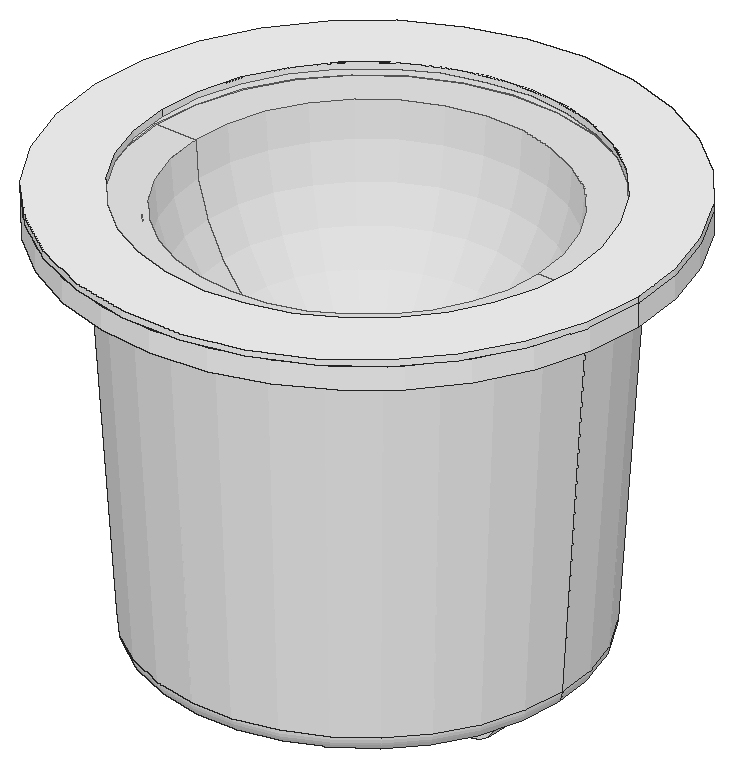
Revit family "2058873 Feilo Sylvania Lighting Fixture MYRD IP FL 3K DALI WHT WBEZ", category Lighting Fixtures, host Face, Revit 2017
Family settings
  Host = Face
  Round Connector Dimension = Use Diameter
  Part Type = Normal
  OmniClass Number = 23.80.70.11.17
  OmniClass Title = Specialized Lighting by Location or Use
  Cut with Voids When Loaded = No
  Light Source = Yes
  Shared = No
  Room Calculation Point = No
Parameters
  Weight = "0.44 kg"
  Wattage = 10 W
  WarrantyStartDate [instance] = "n/a"
  WarrantyGuarantorParts = "n/a"
  WarrantyDurationUnit = "n/a"
  WarrantyDurationParts = "n/a"
  WarrantyDescription = "n/a"
  built-in parameter 1150110 = 1 (stored number, unit not read)
  Voltage = 230 V
  URL = "http://www.sylvania-lighting.com"
  TypeName = "MYRD IP FL 3K DALI WHT WBEZ"
  Type Image = 0
  Type Comments = ""
  built-in parameter 1114217 = 1 (stored number, unit not read)
  Tilt Angle = -90°
  built-in parameter 1150109 = 1 (stored number, unit not read)
  built-in parameter 1150134 = (empty or 0)
  built-in parameter 1150113 = 1 (stored number, unit not read)
  SerialNumber [instance] = "n/a"
  Reflector Radius = Cutout Diameter / 2 - 2.5 mm  # 35.0 mm
  Reflector Material = Aluminum_Sylvania_Myriad_Bright
  Recessed Depth = Height  # 72.0 mm
  PowerFactor = 0
  PowerConsumption = "10 W"
  Photometric Web File = ""
  NominalWidth = 0.0 mm
  NominalLength = 76.0 mm
  NominalHeight = 72.0 mm
  Name = "MYRD IP FL 3K DALI WHT WBEZ"
  ModelReference = "MYRD IP FL 3K DALI WHT WBEZ"
  ModelNumber = "2058873"
  Material = "Aluminium"
  ManufacturerName = "Feilo Sylvania"
  LuminousEfficacy = "99 lm/W"
  LuminaireType = "Ceiling recessed"
  LightOutputRatio = "1"
  LampsType = Lamp  # "LED"
  LampNominalLuminous = "988 lm"
  LampMacAdamStep = "n/a"
  LampColourTemperature = "3000 K"
  LampColourRenderingIndex = "n/a"
  Keynote = "16500"
  Keynote_2 = "16500"
  InstallationDate [instance] = "n/a"
  InputVoltage = "230-240V~"
  InputNominalFrequency = "50/60 Hz"
  IngressProtection = "IP65"
  ImpactProtectionIndex = "IK02"
  IfcExportType = "IfcLightFixtureType"
  IfcExportAs = "IfcLightFixtureType"
  Height = 72.0 mm  # constant formula
  ExpectedLife = 50000
  Emit from Circle Diameter = Accessory Inner Diameter 2  # 68.0 mm
  Emit Shape Visible in Rendering = no
  ElectricShockClassification = "Class II"
  DurationUnit = "hours"
  DocumentationLiterature = "http://www.sylvania-lighting.com/product/en-int/products/2058873"
  DimmingControlOptions = "Dimmable"
  Diffuser Material = Glass_Sylvania_Myriad_Clear_4000K
  Diffuser Diameter = Cutout Diameter  # 75.0 mm
  Cutout Diameter = 75.0 mm  # constant formula
  CreatedOn = "03-11-2017"
  CreatedBy = ""
  Cost = 0
  built-in parameter 1114216 [instance] = 1 (stored number, unit not read)
  built-in parameter 1150142 = (empty or 0)
  Model = "MYRD IP FL 3K DALI WHT WBEZ"
  Manufacturer = "Feilo Sylvania"  # constant formula
  built-in parameter 1150105 = 78.782 (stored number, unit not read)
  Lumens = 990 lm
  built-in parameter 1150115 = 1 (stored number, unit not read)
  built-in parameter 1150137 = (empty or 0)
  built-in parameter 1150139 = (empty or 0)
  built-in parameter 1150112 = 1 (stored number, unit not read)
  built-in parameter 1150114 = 1 (stored number, unit not read)
  Lamp = "LED"
  built-in parameter 1150132 = (empty or 0)
  built-in parameter 1150102 = (empty or 0)
  built-in parameter 1150107 = 3000 (stored number, unit not read)
  built-in parameter 1150138 = (empty or 0)
  built-in parameter 1150106 = 0.78782 (stored number, unit not read)
  built-in parameter 1150104 = 9.1974 (stored number, unit not read)
  Dimming Lamp Color Temperature Shift = (empty or 0)
  Description = "Supplied complete with electronic control gear Compact Fluorescent low energy downlight Emergency version passes through the cut out Ideal for low level orientation lighting New range of Architectural accessories each providing a different lit dimension New completely flush plaster up accessory ring for clean ceiling lines and smooth finish Order lamp separately"  # constant formula
  Default Elevation = 0.0 mm
  Color Filter = 16777215
  built-in parameter 1140040 [instance] = 1
  Body Radius = Reflector Radius + 1.5 mm  # 36.5 mm
  Body Material = Aluminum_Sylvania_Myriad_Gray
  BarCode [instance] = "n/a"
  built-in parameter 1114218 = 1 (stored number, unit not read)
  built-in parameter 1150133 = 10 (stored number, unit not read)
  AssetType = "Fixed"
  AssetIdentifier [instance] = "n/a"
  Assembly Code = "D5020200"
  Apparent Load = 10 VA
  Accessory Material = Aluminum_Sylvania_Myriad_White
  Accessory Inner Diameter 2 = Accessory Diameter - 22.0 mm  # 68.0 mm
  Accessory Inner Diameter 1 = Accessory Diameter - 2.0 mm  # 88.0 mm
  Accessory Diameter = Cutout Diameter + 15.0 mm  # 90.0 mm
Reference planes
  plane 1 "Center (Front/Back)": y = 0
  plane 2: z = 0
  plane 3 "Center (Left/Right)": x = 0
  plane 4: z = 2
  plane 5 "Fixture Bottom": z = 4.5
  plane 6: z = -28.5
  plane 7: z = -61.5
  plane 8 "Fixture Top": z = -67.5
  plane 9: z = 3.5
Forms (mm)
  Revolve 1, solid, material "Aluminum_Sylvania_Myriad_Bright" <- "Reflector Material", detail levels fine
    sketch origin (0, 0, 0) x (1, 0, 0) y (0, 0, 1)
      loop
        line (0, -27.515) -> (-6, -27.515)
        arc (-6, -27.515) -> (-22.333, -16.632) -> (-28.5, 2) r 30.135
        line (-28.5, 2) -> (-35, 2) -> (-35, 0) -> (-29.184, 0)
        arc (-29.184, 0) -> (-22.423, -18.18) -> (-6, -28.5) r 30.204
        line (-6, -28.5) -> (0, -28.5) -> (0, -27.515)
      axis (0, -28.5) -> (0, 2)
    angle from 0 to 360
  Revolve 2, solid, material "Aluminum_Sylvania_Myriad_Gray" <- "Body Material", detail levels fine
    sketch origin (0, 0, 0) x (1, 0, 0) y (0, 0, 1)
      loop
        line (-44, 2) -> (-44, 0) -> (-36.5, 0) -> (-32.42, -58.708)
        arc (-32.42, -58.708) -> (-31.474, -60.694) -> (-29.428, -61.5) r 3
        line (-29.428, -61.5) -> (0, -61.5) -> (0, -28.5) -> (-6, -28.5)
        arc (-6, -28.5) -> (-22.423, -18.18) -> (-29.184, 0) r 30.204
        line (-29.184, 0) -> (-35, 0) -> (-35, 2) -> (-44, 2)
      axis (0, 2) -> (0, -61.5)
    angle from 0 to 360
  Extrusion 3, solid, material "Aluminum_Sylvania_Myriad_Gray" <- "Body Material", detail levels fine
    sketch origin (0, 0, 0) x (1, 0, 0) y (0, 0, 1)
      loop
        line (-13.5, -67.5) -> (21, -67.5)
        arc (21, -67.5) -> (23.828, -66.328) -> (25, -63.5) r 4
        line (25, -63.5) -> (25, -61.5) -> (-17.5, -61.5) -> (-17.5, -63.5)
        arc (-17.5, -63.5) -> (-16.328, -66.328) -> (-13.5, -67.5) r 4
    from -4.5 to 4.5
  Extrusion 4, solid, material "Aluminum_Sylvania_Myriad_White" <- "Accessory Material", detail levels fine
    sketch origin (0, 0, 0) x (1, 0, 0) y (0, 1, 0)
      loop
        circle (0, 0) r 45
      loop
        circle (0, 0) r 44
    from 0 to 3.5
  Extrusion 5, solid, material "Aluminum_Sylvania_Myriad_White" <- "Accessory Material", detail levels fine
    sketch origin (0, 0, 0) x (1, 0, 0) y (0, 1, 0)
      loop
        circle (0, 0) r 45
      loop
        circle (0, 0) r 34
    from 3.5 to 4.5
  Extrusion 6, solid, material "Aluminum_Sylvania_Myriad_White" <- "Accessory Material", detail levels coarse+medium
    sketch origin (0, 0, 0) x (1, 0, 0) y (0, 1, 0)
      loop
        circle (0, 0) r 45
    from 0 to 4.5
  Revolve 7, solid, detail levels coarse+medium
    sketch origin (0, 0, 0) x (1, 0, 0) y (0, 0, 1)
      loop
        line (36.5, 0) -> (0, 0) -> (0, -61.5) -> (32.226, -61.5) -> (36.5, 0)
      axis (0, 0) -> (0, -61.5)
    angle from 0 to 360
  Extrusion 8, void
    sketch origin (0, 0, 0) x (1, 0, 0) y (0, 1, 0)
      loop
        circle (0, 0) r 37.5
    from -67.5 to 0
  Extrusion 9, solid, material "Glass_Sylvania_Myriad_Clear_4000K" <- "Diffuser Material", detail levels fine
    sketch origin (0, 0, 0) x (1, 0, 0) y (0, 1, 0)
      loop
        circle (0, 0) r 37.5
    from 2 to 3.5
Cuts and joins
  joined: Extrusion 4, Extrusion 5
Lines and regions (mm)
  Masking region 1
    outline origin (0, 0, 0) x (1, 0, 0) y (0, 1, 0)
      loop
        circle (0, 0) r 45
  symbolic lines
    curve 1: arc (-34, 0, 0) -> (0, 34, 0) -> (34, 0, 0) r 34
    curve 2: arc (34, 0, 0) -> (0, -34, 0) -> (-34, 0, 0) r 34
Dimensions and locks
  locked: plane 7 to plane 8 "Fixture Top" at 6
  "Body Radius": Revolve 7 sketch curve to plane 3 "Center (Left/Right)"
  locked: Revolve 7 sketch curve to Revolve 7 sketch curve at 4.274
  plane 5 "Fixture Bottom" to plane 9 to plane 4 to plane 2 to plane 6 = 1.0 mm locked, 1.5 mm locked, 2.0 mm locked, 28.5 mm locked
  "Reflector Radius": Revolve 1 sketch curve to plane 3 "Center (Left/Right)"
  Revolve 1 sketch curve to Revolve 1 sketch curve to Revolve 1 sketch curve to Revolve 1 sketch curve = 6.5 mm locked, 22.5 mm locked, 0.0 mm locked
  "Reflector Radius": plane 3 "Center (Left/Right)" to Revolve 2 sketch curve
  Revolve 2 sketch curve to Revolve 2 sketch curve to Revolve 2 sketch curve = 7.5 mm locked, 1.5 mm locked
  Revolve 2 sketch curve to Revolve 2 sketch curve to Revolve 2 sketch curve = 5.816 mm locked, 23.184 mm locked
  Revolve 2 sketch curve to Revolve 2 sketch curve to Revolve 2 sketch curve = 2.58 mm locked, 2.993 mm locked
  "Accessory Diameter": diameter of Extrusion 4 sketch curve
  "Accessory Inner Diameter 1": diameter of Extrusion 4 sketch curve
  "Accessory Diameter": diameter of Extrusion 5 sketch curve
  "Accessory Diameter": diameter of Extrusion 6 sketch curve
  "Cutout Diameter": diameter of Extrusion 8 sketch curve
  "Accessory Inner Diameter 2": diameter of Extrusion 5 sketch curve
  "Diffuser Diameter": diameter of Extrusion 9 sketch curve
  aligned and locked: plane 2 to host face
  aligned and locked: level to host face
  aligned and locked: plane 1 "Center (Front/Back)" to imposter light
  aligned and locked: plane 3 "Center (Left/Right)" to imposter light
  aligned and locked: Revolve 1 sketch curve to imposter light
  aligned and locked: Extrusion 3 sketch curve to plane 8 "Fixture Top"
  aligned and locked: plane 7 to Extrusion 3 sketch curve
  aligned and locked: Extrusion 4 to plane 2
  aligned and locked: plane 9 to Extrusion 4
  aligned and locked: Extrusion 5 to plane 9
  aligned and locked: plane 5 "Fixture Bottom" to Extrusion 5
  aligned and locked: Extrusion 6 to plane 2
  aligned and locked: plane 5 "Fixture Bottom" to Extrusion 6
  aligned and locked: Extrusion 8 to plane 8 "Fixture Top"
  aligned and locked: plane 2 to Extrusion 8
  aligned and locked: Masking region 1 sketch curve to Extrusion 6  (x2)
  aligned and locked: Extrusion 9 to plane 4
  aligned and locked: plane 9 to Extrusion 9
  aligned and locked: plane 4 to Revolve 2 sketch curve
  aligned and locked: Revolve 2 sketch curve to plane 2
  aligned and locked: curve 1 to cut or joined group of Extrusion 4, Extrusion 5
  aligned and locked: curve 2 to cut or joined group of Extrusion 4, Extrusion 5
  aligned and locked: imposter light to plane 5 "Fixture Bottom"
Automatic sketch dimensions
  host sketch curve to host sketch curve = 1305.563 mm
  host sketch curve to host sketch curve = 1283.632 mm
  Extrusion 3 sketch curve to plane 7 = 2.0 mm
  Extrusion 3 sketch curve to plane 3 "Center (Left/Right)" = 13.5 mm
  plane 3 "Center (Left/Right)" to Extrusion 3 sketch curve = 21.0 mm
  Extrusion 3 sketch curve to Extrusion 3 sketch curve = 4.0 mm
  Revolve 1 sketch curve to level = 0.0 mm
  Revolve 1 sketch curve to plane 3 "Center (Left/Right)" = 0.0 mm
  Revolve 1 sketch curve to plane 6 = 0.0 mm
  Revolve 1 sketch curve to plane 4 = 0.0 mm
  Revolve 1 sketch curve to Revolve 1 sketch curve = 0.684 mm
  level to Revolve 1 sketch curve = 0.88 mm
  Revolve 1 sketch curve to plane 4 = 0.363 mm
  Revolve 1 sketch curve to Revolve 1 sketch curve = 0.625 mm
  Revolve 1 sketch curve to plane 8 "Fixture Top" = 232.8 mm
  plane 5 "Fixture Bottom" to Revolve 1 sketch curve = 291.243 mm
  Revolve 2 sketch curve to plane 3 "Center (Left/Right)" = 0.0 mm  (x2)
  Revolve 2 sketch curve to plane 7 = 0.0 mm
  Revolve 2 sketch curve to plane 6 = 0.0 mm
  Revolve 2 sketch curve to level = 0.0 mm
  level to Revolve 2 sketch curve = 0.88 mm
  plane 7 to Revolve 2 sketch curve = 2.792 mm
  Revolve 2 sketch curve to plane 8 "Fixture Top" = 304.774 mm
  plane 5 "Fixture Bottom" to Revolve 2 sketch curve = 1137.105 mm
  Extrusion 4 sketch curve to Extrusion 4 sketch curve = 0.0 mm  (x2)
  plane 1 "Center (Front/Back)" to Extrusion 4 sketch curve = 0.0 mm
  Extrusion 4 sketch curve to plane 3 "Center (Left/Right)" = 0.0 mm
  Extrusion 5 sketch curve to Extrusion 5 sketch curve = 0.0 mm  (x2)
  plane 1 "Center (Front/Back)" to Extrusion 5 sketch curve = 0.0 mm
  Extrusion 5 sketch curve to plane 3 "Center (Left/Right)" = 0.0 mm
  plane 1 "Center (Front/Back)" to Extrusion 6 sketch curve = 0.0 mm
  Extrusion 6 sketch curve to plane 3 "Center (Left/Right)" = 0.0 mm
  Revolve 7 sketch curve to level = 0.0 mm
  Revolve 7 sketch curve to plane 3 "Center (Left/Right)" = 0.0 mm  (x2)
  Revolve 7 sketch curve to plane 7 = 0.0 mm
  Revolve 7 sketch curve to plane 8 "Fixture Top" = 304.774 mm
  plane 5 "Fixture Bottom" to Revolve 7 sketch curve = 43.226 mm
  plane 1 "Center (Front/Back)" to Extrusion 8 sketch curve = 0.0 mm
  Extrusion 8 sketch curve to plane 3 "Center (Left/Right)" = 0.0 mm
  plane 1 "Center (Front/Back)" to Extrusion 9 sketch curve = 0.0 mm
  Extrusion 9 sketch curve to plane 3 "Center (Left/Right)" = 0.0 mm
Connectors
  electrical at (-0.006, -0.019, -67.5), driven by "Apparent Load", driven by "Apparent Load"
    settings: on plane 8 "Fixture Top", index 1, voltage 230 V, apparent load 10 VA, apparent load phase1 10 VA, apparent load phase2 0 VA, apparent load phase3 0 VA, power factor 1, load classification "Lighting", number of poles 1, system type 30, power factor state 1, is connector primary yes, connector utility no, sub classification motor no, connector description ""
